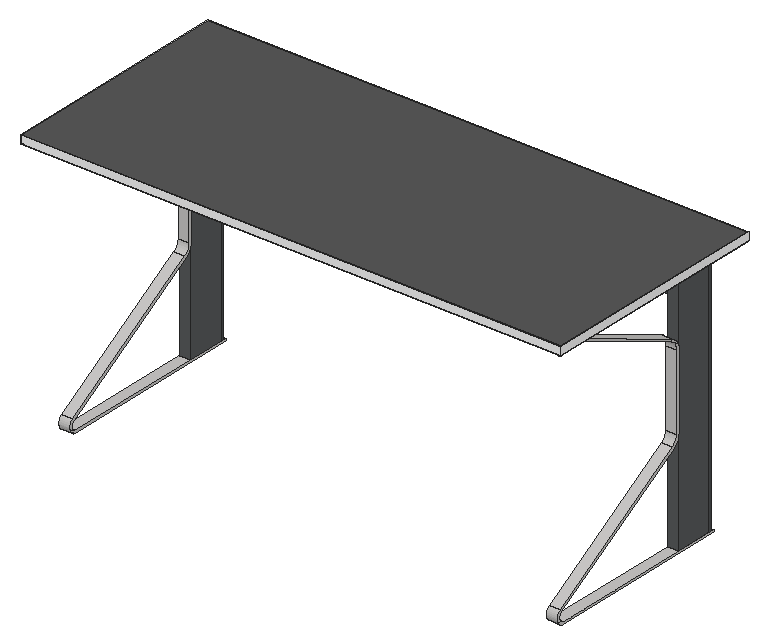
Revit family "Artek_Tables_Kaari Desk_Kaari Desk REB005", category Furniture, Revit 2017
Family settings
  OmniClass Number = 23.40.20.00
  OmniClass Title = General Furniture and Specialties
  Work Plane-Based = No
  Always vertical = Yes
  Cut with Voids When Loaded = No
  Shared = No
  Room Calculation Point = No
Parameters (values of type "Kaari Desk REB005")
  WarrantyStartDate [instance] = "n/a"
  WarrantyGuarantorParts = "n/a"
  WarrantyGuarantorLabor = "n/a"
  WarrantyDurationUnit = "Years"
  WarrantyDurationParts = "n/a"
  WarrantyDurationLabor = "n/a"
  WarrantyDescription = "n/a"
  VersionDate = "11/3/2020"  # constant formula
  Version = "1"  # constant formula
  Uniclass2015Reference = "Pr_40_50_21"
  Uniclass2015Description = "Desks, tables and worktops"
  Uniclass2 = "Pr_40_30_30"
  URL = "https://www.artek.fi/en/products/kaari-desk"
  Type Comments = ""
  TagNumber [instance] = "n/a"
  LegsMaterial [instance] = Black oak
  SustainabilityPerformance = "n/a"
  Style = "n/a"
  Size = "1500x750x650 mm"
  Shape = "Sculptured"
  SerialNumber [instance] = "n/a"
  Revision = "n/a"
  ReplacementCost = "n/a"
  ProductInformation = "n/a"
  Product data url = ""
  NominalLength = 1500 mm
  NominalHeight = 750 mm
  NominalDepth = 650 mm
  Name = "Kaari Desk REB005"
  NBSReference = "45-35-86/327"
  NBSDescription = "Tables"
  ModelReference = "n/a"
  ModelNumber = "28305502"
  Material = "Wood/Steel"
  ManufacturerURL = "https://www.artek.fi/"
  ManufacturerName = "Artek"
  Model = "Kaari Desk REB005"
  Manufacturer = "Artek"
  MainColor = "Natural/black oak"
  TableTopMaterial [instance] = HPL, high-gloss black
  InstallationDate [instance] = "n/a"
  IfcExportType = "TABLE"  # constant formula
  IfcExportAs = "IfcFurnishingElementType"  # constant formula
  Grade = "n/a"
  Finish = "n/a"
  Features = "n/a"
  ExpectedLife = "n/a"
  DurationUnit = "Years"
  Designer = "Ronan & Erwan Bouroullec"
  Description = ""
  Cost = 0
  ConvergoRefNr = "0190-2009-0034-FI"  # constant formula
  Constituents = "n/a"
  Color = "Natural/black oak"
  Collection = "Kaari Collection"
  CodePerformance = "n/a"
  Barcode [instance] = "n/a"
  AssetIdentifier [instance] = "n/a"
  Category = "Tables"
  Brand = "Artek"
  BIMObjectName = "Artek_Tables_Kaari Desk_Kaari Desk REB005"  # constant formula
  Author = "Convergo AB"  # constant formula
  AssetType = "Movable"
  AccessibilityPerformance = "n/a"
Reference planes
  plane 1 "Center (Front/Back)": y = 0
  plane 2: z = 0
  plane 3 "Center (Left/Right)": x = 0
  plane 4: x = -750
  plane 5: x = 750
  plane 6: y = 325
  plane 7: y = -325
  plane 8: z = 750
Dimensions and locks
  equal spacing: plane 4, plane 3 "Center (Left/Right)", plane 5
  "NominalLength": plane 4 to plane 5
  equal spacing: plane 7, plane 1 "Center (Front/Back)", plane 6
  "NominalDepth": plane 7 to plane 6
  "NominalHeight": plane 8 to plane 2
  aligned and locked: level to plane 2
Nested families
  nested 1: "kaari_desk_150x65" at (0, 0, 0), Legs <- "LegsMaterial", Table <- "TableTopMaterial", type "kaari_desk_150x65"
    with TableFrame ABS, Table HPL, high-gloss black, LegsFrame Flat rolled steel, Legs Black oak
Definition of nested family "kaari_desk_150x65"
  Parameters (values of type "kaari_desk_150x65")
    TableFrame [instance] = none
    Table [instance] = none
    LegsFrame [instance] = none
    Legs [instance] = none
  Reference planes
    plane 1 "Center (Front/Back)": y = 0
    plane 2: z = 0
    plane 3 "Center (Left/Right)": x = 0
  Forms (mm)
    Extrusion 1, solid, material <- "LegsFrame", detail levels medium+fine
      sketch origin (0, 0, 0) x (0, 1, 0) y (0, 0, 1)
        loop
          line (-185, 720) -> (310, 720) -> (310, 726) -> (-185.073, 726)
          arc (-185.073, 726) -> (-205.594, 709.398) -> (-193.645, 685.862) r 20.985
          line (-193.645, 685.862) -> (132.256, 539.993)
          arc (132.256, 539.993) -> (145.176, 528.925) -> (150, 512.611) r 30
          line (150, 512.611) -> (150, 302.611)
          arc (150, 302.611) -> (146.111, 287.838) -> (135.451, 276.896) r 30
          line (135.451, 276.896) -> (-253.387, 43.258)
          arc (-253.387, 43.258) -> (-262.87, 19.49) -> (-242.5, 4) r 21.139
          line (-242.5, 4) -> (277, 4) -> (277, 10) -> (-243, 10)
          arc (-243, 10) -> (-257.455, 20.991) -> (-250.726, 37.858) r 15
          line (-250.726, 37.858) -> (138.202, 271.55)
          arc (138.202, 271.55) -> (151.242, 284.935) -> (156, 303.007) r 36.699
          line (156, 303.007) -> (156, 513.258)
          arc (156, 513.258) -> (150.372, 532.292) -> (135.299, 545.204) r 35
          line (135.299, 545.204) -> (-191.128, 691.309)
          arc (-191.128, 691.309) -> (-199.669, 708.133) -> (-185, 720) r 15
      from -691.5 to -661.5
    Extrusion 2, solid, material <- "LegsFrame", detail levels medium+fine
      sketch origin (0, 0, 0) x (0, 1, 0) y (0, 0, -1)
        loop
          arc (-185, -720) -> (-199.669, -708.133) -> (-191.128, -691.309) r 15
          line (-191.128, -691.309) -> (135.299, -545.204)
          arc (135.299, -545.204) -> (150.372, -532.292) -> (156, -513.258) r 35
          line (156, -513.258) -> (156, -303.007)
          arc (156, -303.007) -> (151.242, -284.935) -> (138.202, -271.55) r 36.699
          line (138.202, -271.55) -> (-250.726, -37.858)
          arc (-250.726, -37.858) -> (-257.455, -20.991) -> (-243, -10) r 15
          line (-243, -10) -> (277, -10) -> (277, -4) -> (-242.5, -4)
          arc (-242.5, -4) -> (-262.87, -19.49) -> (-253.387, -43.258) r 21.139
          line (-253.387, -43.258) -> (135.451, -276.896)
          arc (135.451, -276.896) -> (146.111, -287.838) -> (150, -302.611) r 30
          line (150, -302.611) -> (150, -512.611)
          arc (150, -512.611) -> (145.176, -528.925) -> (132.256, -539.993) r 30
          line (132.256, -539.993) -> (-193.645, -685.862)
          arc (-193.645, -685.862) -> (-205.594, -709.398) -> (-185.073, -726) r 20.985
          line (-185.073, -726) -> (310, -726) -> (310, -720) -> (-185, -720)
      from -691.5 to -661.5
    Extrusion 3, void
      sketch origin (0, 0, 0) x (1, 0, 0) y (0, 1, 0)
        loop
          line (-699.463, 315.51) -> (-699.463, 295) -> (-691.5, 295)
          arc (-691.5, 295) -> (-676.5, 310) -> (-661.5, 295) r 15
          line (-661.5, 295) -> (-657.328, 295) -> (-657.328, 315.51) -> (-699.463, 315.51)
        loop
          line (699.463, 315.51) -> (657.328, 315.51) -> (657.328, 295) -> (661.5, 295)
          arc (661.5, 295) -> (676.5, 310) -> (691.5, 295) r 15
          line (691.5, 295) -> (699.463, 295) -> (699.463, 315.51)
      from 720 to 726
    Extrusion 4, solid, material <- "Legs", detail levels medium+fine
      sketch origin (0, 0, 0) x (1, 0, 0) y (0, 1, 0)
        loop
          line (-661.5, 156) -> (-661.5, 262)
          arc (-661.5, 262) -> (-676.5, 277) -> (-691.5, 262) r 15
          line (-691.5, 262) -> (-691.5, 156) -> (-661.5, 156)
        loop
          line (661.5, 156) -> (691.5, 156) -> (691.5, 262)
          arc (691.5, 262) -> (676.5, 277) -> (661.5, 262) r 15
          line (661.5, 262) -> (661.5, 156)
      from 10 to 720
    Extrusion 5, solid, material <- "TableFrame", detail levels medium+fine
      sketch origin (0, 0, 0) x (1, 0, 0) y (0, 1, 0)
        loop
          arc (-683.5, 192) -> (-682.036, 188.464) -> (-678.5, 187) r 5
          line (-678.5, 187) -> (-674.5, 187)
          arc (-674.5, 187) -> (-670.964, 188.464) -> (-669.5, 192) r 5
          line (-669.5, 192) -> (-669.5, 240)
          arc (-669.5, 240) -> (-670.964, 243.536) -> (-674.5, 245) r 5
          line (-674.5, 245) -> (-678.5, 245)
          arc (-678.5, 245) -> (-682.036, 243.536) -> (-683.5, 240) r 5
          line (-683.5, 240) -> (-683.5, 192)
        loop
          line (683.5, 192) -> (683.5, 240)
          arc (683.5, 240) -> (682.036, 243.536) -> (678.5, 245) r 5
          line (678.5, 245) -> (674.5, 245)
          arc (674.5, 245) -> (670.964, 243.536) -> (669.5, 240) r 5
          line (669.5, 240) -> (669.5, 192)
          arc (669.5, 192) -> (670.964, 188.464) -> (674.5, 187) r 5
          line (674.5, 187) -> (678.5, 187)
          arc (678.5, 187) -> (682.036, 188.464) -> (683.5, 192) r 5
        loop
          line (-683.5, -179) -> (-683.5, -227)
          arc (-683.5, -227) -> (-682.036, -230.536) -> (-678.5, -232) r 5
          line (-678.5, -232) -> (-674.5, -232)
          arc (-674.5, -232) -> (-670.964, -230.536) -> (-669.5, -227) r 5
          line (-669.5, -227) -> (-669.5, -179)
          arc (-669.5, -179) -> (-670.964, -175.464) -> (-674.5, -174) r 5
          line (-674.5, -174) -> (-678.5, -174)
          arc (-678.5, -174) -> (-682.036, -175.464) -> (-683.5, -179) r 5
        loop
          arc (683.5, -179) -> (682.036, -175.464) -> (678.5, -174) r 5
          line (678.5, -174) -> (674.5, -174)
          arc (674.5, -174) -> (670.964, -175.464) -> (669.5, -179) r 5
          line (669.5, -179) -> (669.5, -227)
          arc (669.5, -227) -> (670.964, -230.536) -> (674.5, -232) r 5
          line (674.5, -232) -> (678.5, -232)
          arc (678.5, -232) -> (682.036, -230.536) -> (683.5, -227) r 5
          line (683.5, -227) -> (683.5, -179)
      from 0 to 4.706
    Extrusion 6, solid, material <- "Legs", detail levels medium+fine
      sketch origin (0, 0, 0) x (0, 1, 0) y (0, 0, 1)
        loop
          line (230, 606) -> (230, 726) -> (202, 726) -> (202, 606) -> (230, 606)
      from -661.5 to 661.5
    Extrusion 7, solid, material <- "Table", detail levels medium+fine
      sketch origin (0, 0, 0) x (1, 0, 0) y (0, 1, 0)
        loop
          line (-749, 324) -> (-749, -324) -> (749, -324) -> (749, 324) -> (-749, 324)
      from 726 to 750
    Extrusion 8, solid, material <- "TableFrame", detail levels medium+fine
      sketch origin (0, 0, 0) x (1, 0, 0) y (0, 1, 0)
        loop
          line (750, 325) -> (-750, 325) -> (-750, -325) -> (750, -325) -> (750, 325)
        loop
          line (749, -324) -> (749, 324) -> (-749, 324) -> (-749, -324) -> (749, -324)
      from 726 to 750
    Sweep 9, void
      path in 3D
        loop
          line (-750, -325, 750) -> (750, -325, 750) -> (750, 325, 750) -> (-750, 325, 750) -> (-750, -325, 750)
      profile origin (-750, 0, 750) x (1, 0, 0) y (0, 0, 1)
        loop
          line (0, 0) -> (0, -1) -> (1, 0) -> (0, 0)
    Sweep 10, void
      path in 3D
        loop
          line (-750, 325, 726) -> (750, 325, 726) -> (750, -325, 726) -> (-750, -325, 726) -> (-750, 325, 726)
      profile origin (-750, 0, 726) x (1, 0, 0) y (0, 0, -1)
        loop
          line (0, 0) -> (0, -1) -> (1, 0) -> (0, 0)
    Extrusion 11, solid, material <- "Table", detail levels coarse
      sketch origin (0, 0, 0) x (1, 0, 0) y (0, 1, 0)
        loop
          line (-750, 325) -> (-750, -325) -> (750, -325) -> (750, 325) -> (-750, 325)
      from 0 to 750
  Cuts and joins
    Extrusion 3 cuts Extrusion 2
    Extrusion 3 cuts Extrusion 1
    Sweep 9, Sweep 10 cuts Extrusion 8
  Lines and regions (mm)
    sketch lines
      curve 1: line (-750, 325, 750) -> (-750, -325, 750)
      curve 2: line (-750, -325, 750) -> (750, -325, 750)
      curve 3: line (750, 325, 750) -> (-750, 325, 750)
      curve 4: line (750, -325, 750) -> (750, 325, 750)
      curve 5: line (-750, -325, 726) -> (-750, 325, 726)
      curve 6: line (750, -325, 726) -> (-750, -325, 726)
      curve 7: line (-750, 325, 726) -> (750, 325, 726)
      curve 8: line (750, 325, 726) -> (750, -325, 726)
    symbolic lines, detail levels medium+fine
      curve 9: line (0, 0, 750) -> (-749, 0, 750)
      curve 10: line (-750, 0, 749) -> (-749, 0, 750)
      curve 11: line (-750, 0, 749) -> (-750, 0, 727)
      curve 12: line (-750, 0, 727) -> (-749, 0, 726)
      curve 13: line (-749, 0, 726) -> (-691.5, 0, 726)
      curve 14: line (-691.5, 0, 726) -> (-691.5, 0, 4)
      curve 15: line (-691.5, 0, 4) -> (-683.5, 0, 4)
      curve 16: line (-683.5, 0, 4) -> (-683.5, 0, 0)
      curve 17: line (-683.5, 0, 0) -> (-669.5, 0, 0)
      curve 18: line (-669.5, 0, 0) -> (-669.5, 0, 4)
      curve 19: line (-669.5, 0, 4) -> (-661.5, 0, 4)
      curve 20: line (-661.5, 0, 4) -> (-661.5, 0, 606)
      curve 21: line (-661.5, 0, 606) -> (0, 0, 606)
      curve 25: line (0, 0, 750) -> (749, 0, 750)
      curve 26: line (750, 0, 749) -> (749, 0, 750)
      curve 27: line (750, 0, 749) -> (750, 0, 727)
      curve 28: line (750, 0, 727) -> (749, 0, 726)
      curve 29: line (749, 0, 726) -> (691.5, 0, 726)
      curve 30: line (691.5, 0, 726) -> (691.5, 0, 4)
      curve 31: line (691.5, 0, 4) -> (683.5, 0, 4)
      curve 32: line (683.5, 0, 4) -> (683.5, 0, 0)
      curve 33: line (683.5, 0, 0) -> (669.5, 0, 0)
      curve 34: line (669.5, 0, 0) -> (669.5, 0, 4)
      curve 35: line (669.5, 0, 4) -> (661.5, 0, 4)
      curve 36: line (661.5, 0, 4) -> (661.5, 0, 606)
      curve 37: line (661.5, 0, 606) -> (0, 0, 606)
      curve 43: line (0, 0, 750) -> (0, 324, 750)
      curve 44: line (0, 324, 750) -> (0, 325, 749)
      curve 45: line (0, 325, 749) -> (0, 325, 727)
      curve 46: line (0, 325, 727) -> (0, 324, 726)
      curve 47: line (0, 324, 726) -> (0, 309.998, 726)
      curve 48: line (0, 309.998, 726) -> (0, 309.998, 720)
      curve 49: line (0, 309.998, 720) -> (0, 277, 720)
      curve 50: line (0, 277, 720) -> (0, 277, 4)
      curve 51: line (0, 277, 4) -> (0, 245.001, 4)
      curve 52: line (0, 245.001, 4) -> (0, 245.001, 0)
      curve 53: line (0, 245.001, 0) -> (0, 187, 0)
      curve 54: line (0, 187, 0) -> (0, 187, 4)
      curve 55: line (0, 187, 4) -> (0, -173.986, 4)
      curve 56: line (0, -173.986, 4) -> (0, -173.986, 0)
      curve 57: line (0, -173.986, 0) -> (0, -232, 0)
      curve 58: line (0, -232, 0) -> (0, -232, 4)
      curve 59: line (0, -232, 4) -> (0, -242.5, 4)
      curve 60: arc (0, -253.387, 43.258) -> (0, -262.87, 19.49) -> (0, -242.5, 4) r 21.139
      curve 61: line (0, 135.451, 276.896) -> (0, -253.387, 43.258)
      curve 62: arc (0, 150, 302.611) -> (0, 146.111, 287.838) -> (0, 135.451, 276.896) r 30
      curve 63: line (0, 150, 512.611) -> (0, 150, 302.611)
      curve 64: arc (0, 132.256, 539.993) -> (0, 145.176, 528.925) -> (0, 150, 512.611) r 30
      curve 65: line (0, -193.646, 685.862) -> (0, 132.256, 539.993)
      curve 66: arc (0, -185.073, 726) -> (0, -205.595, 709.399) -> (0, -193.646, 685.862) r 20.985
      curve 67: line (0, -185.073, 726) -> (0, -324, 726)
      curve 68: line (0, -324, 726) -> (0, -325, 727)
      curve 69: line (0, -325, 727) -> (0, -325, 748.99)
      curve 70: line (0, -325, 748.99) -> (0, -323.99, 750)
      curve 71: line (0, -323.99, 750) -> (0, 0, 750)
      curve 84: line (750, 325, 0) -> (-750, 325, 0)
      curve 85: line (-750, 325, 0) -> (-750, -325, 0)
      curve 86: line (750, -325, 0) -> (750, 325, 0)
      curve 87: line (-750, -325, 0) -> (750, -325, 0)
    symbolic lines, detail levels fine
      curve 22: line (-691.5, 0, 726) -> (0.077, 0, 726)
      curve 23: line (-661.5, 0, 606) -> (-661.5, 0, 726)
      curve 24: line (-691.5, 0, 726) -> (0.077, 0, 726)
      curve 38: line (691.5, 0, 726) -> (0.077, 0, 726)
      curve 39: line (661.5, 0, 606) -> (661.5, 0, 726)
      curve 40: line (691.5, 0, 726) -> (0.077, 0, 726)
      curve 41: line (-683.5, 0, 4) -> (-669.5, 0, 4)
      curve 42: line (669.5, 0, 4) -> (683.5, 0, 4)
      curve 72: line (0, 309.998, 726) -> (0, -185.073, 726)
      curve 73: line (0, 277, 720) -> (0, -185, 720)
      curve 74: line (0, 156, 720) -> (0, 156, 10)
      curve 75: line (0, 277, 10) -> (0, -243, 10)
      curve 76: line (0, 245.001, 4) -> (0, 187, 4)
      curve 77: line (0, -173.986, 4) -> (0, -232, 4)
      curve 78: arc (0, -243, 10) -> (0, -257.455, 20.991) -> (0, -250.726, 37.858) r 15
      curve 79: line (0, -250.726, 37.858) -> (0, 138.202, 271.55)
      curve 80: arc (0, 138.202, 271.55) -> (0, 151.242, 284.935) -> (0, 156, 303.007) r 36.699
      curve 81: arc (0, 156, 513.258) -> (0, 150.372, 532.292) -> (0, 135.299, 545.204) r 35
      curve 82: line (0, 135.299, 545.204) -> (0, -191.128, 691.309)
      curve 83: arc (0, -191.128, 691.309) -> (0, -199.669, 708.133) -> (0, -185, 720) r 15
  Dimensions and locks
    aligned and locked: level to plane 2
